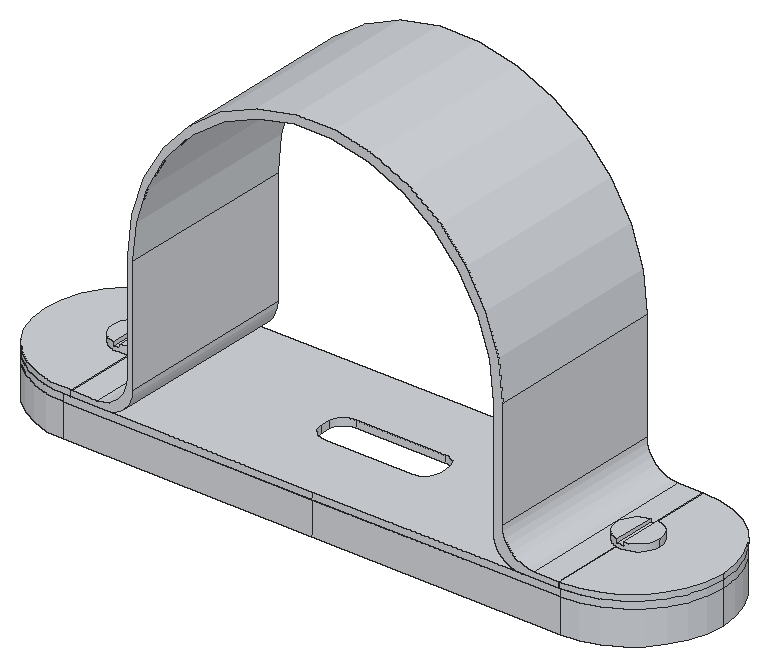
Revit family "SBS50G", category Generic Models, Revit 2017
Family settings
  Can host rebar = No
  Round Connector Dimension = Use Diameter
  Part Type = Normal
  Work Plane-Based = Yes
  Always vertical = No
  Cut with Voids When Loaded = No
  Shared = No
  Room Calculation Point = No
Parameters (values of type "NBS Standard Parameters")
  Weight = "0.030Kg"
  WarrantyStartDate [instance] = "1900-12-31T23:59:59"
  WarrantyGuarantorParts = "n/a"
  WarrantyGuarantorLabor = "n/a"
  WarrantyDurationUnit = "year"
  WarrantyDurationParts = "n/a"
  WarrantyDurationLabor = "n/a"
  WarrantyDescription = "n/a"
  Version = "1"
  Uniclass2 = "Pr_65_70_11_20"
  TagNumber [instance] = "n/a"
  SustainabilityPerformance = "n/a"
  Size = "2\""
  Shape = "n/a"
  SerialNumber [instance] = "n/a"
  Revision = "n/a"
  ReplacementCost = "n/a"
  ProductInformation = "www.metpro.co.uk/pdf/sbs50g.pdf"
  NominalWidth = 25 mm
  NominalLength = 95 mm
  NominalHeight = 56 mm
  Name = ""
  NBSTypeID = ""
  NBSReference = "90-55-10/460"
  NBSOfficeMasterTag = ""
  NBSNote = ""
  NBSDescription = "Conduit Fittings"
  NBSCertification = ""
  ModelReference = "SBS50G"
  ModelNumber = "n/a"
  Material = "Pressed Steel"
  ManufacturerURL = "www.metpro.co.uk"
  ManufacturerName = "Metpro Ltd"
  InstallationDate [instance] = "1900-12-31T23:59:59"
  IfcExportType = ""
  IfcExportAs = ""
  Grade = "n/a"
  Finish = "BZP"
  Features = "n/a"
  ExpectedLife = "n/a"
  DurationUnit = "year"
  Description = "SBS50G - 2\" spacer bar Saddle"
  Default Elevation = 1219.2 mm
  Constituents = "n/a"
  Color = "n/a"
  CodePerformance = "n/a"
  Category = "n/a"
  BarCode [instance] = "n/a"
  BIMObjectName = "Metpro_metprolibrary_conduitfittings_metalcomponent_steelaccessories"
  Author = "Metpro Ltd"
  AssetType = ""
  AssetIdentifier [instance] = "n/a"
  AccessibilityPerformance = "n/a"
Reference planes
  plane 1 "Center (Front/Back)": y = 0
  plane 2: z = 0
  plane 3 "Center (Left/Right)": x = 0
Forms (mm)
  Extrusion 1, solid
    sketch origin (0, 19.032, -3.032) x (1, 0, 0) y (0, 0, 1)
      loop
        line (25, 10.937) -> (25, -5.153)
        arc (25, -5.153) -> (26.113, -7.84) -> (28.8, -8.953) r 3.8
        line (28.8, -8.953) -> (34.007, -8.953) -> (34.007, -8.137) -> (30.519, -8.137)
        arc (30.519, -8.137) -> (27.478, -6.877) -> (26.219, -3.837) r 4.3
        line (26.219, -3.837) -> (26.219, 11.218)
        arc (26.219, 11.218) -> (0.219, 37.218) -> (-25.781, 11.218) r 26
        line (-25.781, 11.218) -> (-25.781, -3.882)
        arc (-25.781, -3.882) -> (-27.027, -6.89) -> (-30.036, -8.137) r 4.255
        line (-30.036, -8.137) -> (-33.591, -8.137) -> (-33.591, -8.953) -> (-28.8, -8.953)
        arc (-28.8, -8.953) -> (-26.113, -7.84) -> (-25, -5.153) r 3.8
        line (-25, -5.153) -> (-25, 10.938)
        arc (-25, 10.938) -> (0, 35.937) -> (25, 10.937) r 25
    from -4.5 to 20.5
  Extrusion 2, solid
    sketch origin (-23.542, 19.032, -11.986) x (0, -1, 0) y (-1, 0, 0)
      loop
        line (20.5, -23.382) -> (20.5, 11.136)
        arc (20.5, 11.136) -> (16.839, 19.975) -> (8, 23.636) r 12.5
        arc (8, 23.636) -> (-0.839, 19.975) -> (-4.5, 11.136) r 12.5
        line (-4.5, 11.136) -> (-4.5, -23.382) -> (-4.5, -57.908)
        arc (-4.5, -57.908) -> (-0.839, -66.746) -> (8, -70.408) r 12.5
        arc (8, -70.408) -> (16.839, -66.746) -> (20.5, -57.908) r 12.5
        line (20.5, -57.908) -> (20.5, -23.382)
      loop
        arc (10.777, -17.169) -> (10.162, -15.684) -> (8.677, -15.069) r 2.1
        line (8.677, -15.069) -> (7.3, -15.069)
        arc (7.3, -15.069) -> (5.815, -15.684) -> (5.2, -17.169) r 2.1
        line (5.2, -17.169) -> (5.2, -29.59)
        arc (5.2, -29.59) -> (5.817, -31.079) -> (7.306, -31.696) r 2.106
        line (7.306, -31.696) -> (8.514, -31.696)
        arc (8.514, -31.696) -> (10.103, -31.144) -> (10.777, -29.602) r 2.1
        line (10.777, -29.602) -> (10.777, -17.169)
    from 0 to 1
  Extrusion 3, solid
    sketch origin (10.708, 19.032, -11.169) x (1, 0, 0) y (0, 1, 0)
      loop
        circle (24.081, -7.675) r 3
      loop
        circle (-45.816, -7.675) r 3
    from 0 to 0.948
  Extrusion 4, solid
    sketch origin (-23.542, 19.032, -12.986) x (0, -1, 0) y (1, 0, 0)
      loop
        line (20.5, 23.382) -> (20.5, 57.908)
        arc (20.5, 57.908) -> (16.839, 66.746) -> (8, 70.408) r 12.5
        arc (8, 70.408) -> (-0.839, 66.746) -> (-4.5, 57.908) r 12.5
        line (-4.5, 57.908) -> (-4.5, 23.382) -> (-4.5, -11.136)
        arc (-4.5, -11.136) -> (-0.839, -19.975) -> (8, -23.636) r 12.5
        arc (8, -23.636) -> (16.839, -19.975) -> (20.5, -11.136) r 12.5
        line (20.5, -11.136) -> (20.5, 23.382)
      loop
        line (19.5, -11.136) -> (19.5, 23.382) -> (19.5, 57.908)
        arc (19.5, 57.908) -> (16.132, 66.039) -> (8, 69.408) r 11.5
        arc (8, 69.408) -> (-0.132, 66.039) -> (-3.5, 57.908) r 11.5
        line (-3.5, 57.908) -> (-3.5, 23.382) -> (-3.5, -11.136)
        arc (-3.5, -11.136) -> (-0.132, -19.268) -> (8, -22.636) r 11.5
        arc (8, -22.636) -> (16.132, -19.268) -> (19.5, -11.136) r 11.5
    from 0 to -4.641
  Extrusion 5, void
    sketch origin (-17.85, 19.032, -11.169) x (0, -1, 0) y (-1, 0, 0)
      loop
        line (3.873, 16.888) -> (12.067, 16.888) -> (12.067, 17.725) -> (3.873, 17.725) -> (3.873, 16.888)
      loop
        line (11.76, -52) -> (4.408, -52) -> (4.408, -53.031) -> (11.76, -53.031) -> (11.76, -52)
    from -2.617 to -0.554
  Extrusion 6, solid
    sketch origin (21.196, 19.032, -11.169) x (1, 0, 0) y (0, 1, 0)
      loop
        arc (25.67, -8) -> (21.881, 0.965) -> (12.811, 4.495) r 12.5
        line (12.811, 4.495) -> (12.811, -20.495)
        arc (12.811, -20.495) -> (21.881, -16.965) -> (25.67, -8) r 12.5
      loop
        arc (-54.786, 4.453) -> (-64.32, 1.216) -> (-68.374, -8) r 12.5
        arc (-68.374, -8) -> (-64.32, -17.216) -> (-54.786, -20.453) r 12.5
        line (-54.786, -20.453) -> (-54.786, 4.453)
    from 0 to -0.8
Cuts and joins
  Extrusion 5 cuts Extrusion 2
  Extrusion 5 cuts Extrusion 3
Dimensions and locks
  aligned and locked: level to plane 2
